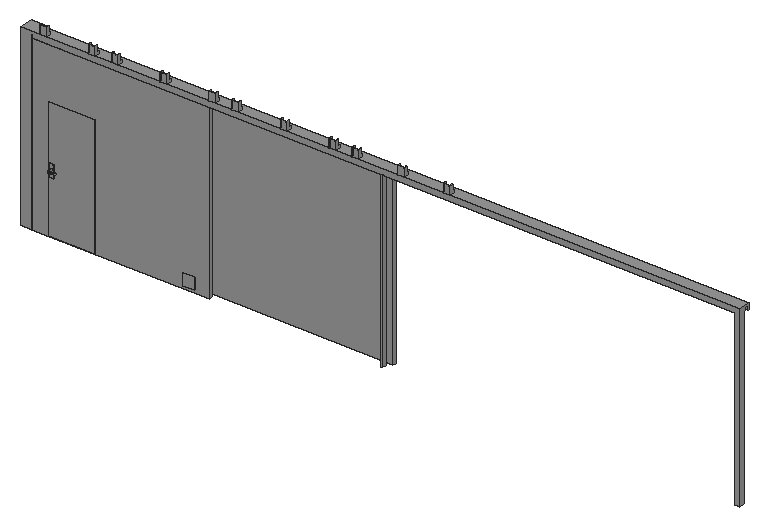
Revit family "otkatnie_protivopozarnie_vorota_firetechnics-p_ei60_ei90", category Двери, Revit 2016
Family settings
  Основа = Стена
  Всегда вертикально = Да
  При загрузке вырезать с полостями = Нет
  Общий = Нет
  Точка расчета площади = Нет
Parameters (values of type "Откатные противопажарные ворота 6x3 EI120")
  второй рельс = if(Ширина створок < 3002 mm, 59 mm, 125 mm)  # 125 mm
  Ширина второго рельса = if(Ширина створок < 3002 mm, 40 mm, 60 mm)  # 60 mm
  УГО2 = if(Ширина створок < 3002 mm, 3000 mm, 4000 mm)  # 4000 mm
  УГО = if(Ширина створок < 3002 mm, 1 mm, 3000 mm)  # 3000 mm
  Крепеж 2 = if(ADSK_Размер_Ширина < 3002 mm, 0 mm, 800 mm)  # 800 mm
  движение 2 створки [instance] = if(Ширина створок = 3000 mm, 1 mm, 125 mm)  # 125 mm
  Ширина 2 створки = if(Ширина створок = 3000 mm, 30 mm, 100 mm)  # 100 mm
  Огнестойкость = "EI120"
  Крепеж1 = if(ADSK_Размер_Ширина < 3002 mm, 0 mm, 800 mm)  # 800 mm
  Ловушка ворот = if(Ширина створок < 3002 mm, 130 mm, 240 mm)  # 240 mm
  Второй рельс = if(Ширина створок < 3002 mm, 205 mm, 2 * (ADSK_Размер_Ширина) + 300 mm + 250 mm)  # 12550 mm
  Видимость второй двери [instance] = yes
  Открытие створки [instance] = if(Ворота открыто, 30 mm, Ширина створок)  # 30 mm
  Высота противопожарной двери = 2000 mm
  Ширина створок = if(ADSK_Размер_Ширина = 3000 mm, 3000 mm, 6000 mm)  # 6000 mm
  Ширина створки [instance] = 3000 mm  # constant formula
  Ширина противопожарной двери = 800 mm
  Толщина полотна ворот = 60 mm
  Стойка [instance] = if(Ширина створок < 3002 mm, ADSK_Размер_Ширина, Ширина створок + 250 mm)  # 6250 mm
  Разработано = "support@bimlib.ru"  # constant formula
  Противопожарный лючок [instance] = yes
  Противопожарная дверь [instance] = yes
  Ворота открыто [instance] = yes
  Материал ручки = Пластмасса, непрозрачная, черная
  Материал профиля = Сталь_оцинкованная_листовая
  Материал полотна = Полотно с наполнителем из минерального заполнителя для ворот
  Изготовитель = "Firetechnics"  # constant formula
  Высота створки = ADSK_Размер_Высота  # 3000 mm
  Высота 2 [instance] = and(Ворота открыто, Противопожарный лючок)  # yes
  Высота 1 [instance] = and(Ворота открыто, Противопожарная дверь)  # yes
  Вторая створка = if(Ширина створок = 3000 mm, 5 mm, 3200 mm)  # 3200 mm
  Видимость УГО [instance] = yes
  Видимость 2 [instance] = yes
  Видимость 1 [instance] = if(Ворота открыто, Видимость второй двери, Противопожарная дверь)  # yes
  Аналитическая конструкция = "<Нет>"
  URL = "https://www.fire-tec.ru/"
  ADSK_Размер_Ширина = 6000 mm
  ADSK_Размер_Высота = 3000 mm  # constant formula
  ADSK_Примечание [instance] = ""
  ADSK_Предел огнестойкости = "EI120"
  ADSK_Позиция [instance] = ""
  ADSK_Обозначение = ""
  ADSK_Наименование = "Откатные противопожарные ворота модели FireTechnics-P EI120"
  ADSK_Масса_Текст = ""
  ADSK_Завод-изготовитель = Изготовитель  # "Firetechnics"
  ADSK_Единица измерения = ""
  ADSK_URL страницы изделия = "https://www.fire-tec.ru/catalog/protivopozharnye-vorota/otkatnye-protivopozharnye-vorota/"
  ADSK_URL документации изделия = ""
Types (2, lengths in mm): name | второй рельс | Ширина второго рельса | УГО2 | УГО | Крепеж 2 | движение 2 створки | Ширина 2 створки | Огнестойкость | Крепеж1 | Ловушка ворот | Второй рельс | Ширина створок | Стойка | Вторая створка | ADSK_Размер_Ширина | ADSK_Предел огнестойкости | ADSK_Наименование
  Откатные противопажарные ворота 3x3 EI90 | 59 | 40 | 3000 | 1 | 0 | 1 | 30 | "EI60" | 0 | 130 | 205 | 3000 | 3000 | 5 | 3000 | "EI90" | "Откатные противопожарные ворота модели FireTechnics-P EI90"
  Откатные противопажарные ворота 6x3 EI120 | 125 | 60 | 4000 | 3000 | 800 | 125 | 100 | "EI120" | 800 | 240 | 12550 | 6000 | 6250 | 3200 | 6000 | "EI120" | "Откатные противопожарные ворота модели FireTechnics-P EI120"
Reference planes
  plane 1 "Стена": y = 0
  plane 2 "По центру (Влево/Вправо)": x = 125
  plane 3 "Назад": y = 15
  plane 4: x = -475
  plane 5: x = 5525
  plane 6: x = -775
  plane 7: z = 1257.571
  plane 8: x = 11855.75
  plane 9: x = 11775
  plane 10: z = 3000
  plane 11: z = 3100
  plane 12: x = -275
  plane 13: x = 525
  plane 14: z = 2100
  plane 15: x = 2068.662
  plane 16: x = 2268.662
  plane 17: z = 50
  plane 18: z = 250
  plane 19: x = -475
  plane 20: x = 5525
  plane 21: y = 143.254
  plane 22: y = 255
  plane 23: x = -775
  plane 24: x = -275
  plane 25: x = 525
  plane 26: x = 2068.662
  plane 27: x = 2268.662
  plane 28: y = 143.254
  plane 29: y = 90
  plane 30: y = 75
  plane 31: y = 242.5
  plane 32: y = 228.254
  plane 33: y = 208.732
  plane 34: x = 5625
  plane 35: y = 200
  plane 36: y = 140
  plane 37: y = 75
  plane 38: x = 5555
  plane 39: x = 11775
Forms (mm)
  Extrusion 1, void
    sketch origin (0, 0, 0) x (1, 0, 0) y (0, 1, 0)
      loop
        line (-475, 15) -> (-475, -625) -> (5525, -625) -> (5525, 15) -> (-475, 15)
    from 0 to 3000
  Extrusion 2, solid, material "Полотно с наполнителем из минерального заполнителя для ворот" <- "Материал полотна", visible <- "Ворота открыто"
    sketch origin (-2958.423, 71.746, 0) x (1, 0, 0) y (0, 1, 0)
      loop
        line (2385.975, -56.746) -> (5483.423, -56.746) -> (5483.423, 3.254) -> (2385.975, 3.254) -> (2385.975, -56.746)
    from 0 to 3000
  Extrusion 3, solid, material "Сталь_оцинкованная_листовая" <- "Материал профиля"
    sketch origin (-2100, 0, 0) x (1, 0, 0) y (0, 1, 0)
      loop
        line (13799.619, 15) -> (13875, 15) -> (13875, 112.5) -> (13799.619, 112.5) -> (13799.619, 15)
    from 0 to 3100
  Extrusion 4, solid, material "Сталь_оцинкованная_листовая" <- "Материал профиля"
    sketch origin (125, 5, 62.751) x (0, -1, 0) y (0, 0, -1)
      loop
        line (-80.754, -2937.249) -> (-80.754, -3037.249) -> (-10, -3037.249) -> (-10, -2937.249) -> (-18.254, -2937.249) -> (-18.254, -2985.417) -> (-78.254, -2985.417) -> (-78.254, -2937.249) -> (-80.754, -2937.249)
    from -697.448 to 11650
  Extrusion 5, solid, material "Полотно с наполнителем из минерального заполнителя для ворот" <- "Материал полотна", visible <- "Ворота открыто"
    sketch origin (41.577, 139.246, 0) x (1, 0, 0) y (0, 1, 0)
      loop
        line (2383.423, 0.754) -> (5583.423, 0.754) -> (5583.423, 60.754) -> (2383.423, 60.754) -> (2383.423, 0.754)
    from 0 to 3000
  Extrusion 6, solid, material "Сталь_оцинкованная_листовая" <- "Материал профиля"
    sketch origin (125, 167.629, 62.751) x (0, -1, 0) y (0, 0, -1)
      loop
        line (-43.125, -2937.249) -> (-43.125, -3037.249) -> (81.875, -3037.249) -> (81.875, -2937.249) -> (22.629, -2937.249) -> (22.629, -2992.249) -> (-37.371, -2992.249) -> (-37.371, -2937.249) -> (-43.125, -2937.249)
    from -697.448 to 11650
  Extrusion 7, solid, material "Полотно с наполнителем из минерального заполнителя для ворот" <- "Материал полотна", visible <- "Высота 1"
    sketch origin (0, 0, 0) x (1, 0, 0) y (0, 1, 0)
      loop
        line (-275, 75) -> (-275, 15) -> (525, 15) -> (525, 75) -> (-275, 75)
    from 0 to 2100
  Extrusion 8, solid, material "Полотно с наполнителем из минерального заполнителя для ворот" <- "Материал полотна", visible <- "Высота 2"
    sketch origin (0, 0, 0) x (1, 0, 0) y (0, 1, 0)
      loop
        line (2068.662, 75) -> (2068.662, 15) -> (2268.662, 15) -> (2268.662, 75) -> (2068.662, 75)
    from 50 to 250
  Extrusion 9, solid, material "Сталь_оцинкованная_листовая" <- "Материал профиля"
    sketch origin (0, 0, 0) x (1, 0, 0) y (0, 1, 0)
      loop
        line (-572.448, 15) -> (-572.448, 208.732) -> (-475, 208.732) -> (-475, 255) -> (-775, 255) -> (-775, 15) -> (-572.448, 15)
    from 0 to 3100
  Extrusion 10, solid, material "Полотно с наполнителем из минерального заполнителя для ворот" <- "Материал полотна", visible <- "Видимость второй двери"
    sketch origin (0, 0, 0) x (1, 0, 0) y (0, 1, 0)
      loop
        line (5525, 75) -> (5525, 15) -> (5555, 15) -> (5555, 75) -> (5525, 75)
    from 0 to 3000
Cuts and joins
  joined: Extrusion 3, Extrusion 4, Extrusion 6, Extrusion 9
Lines and regions (mm)
  symbolic lines, style "Doors"
    curve 1: line (2068.662, 60.701, 0) -> (6068.662, 60.701, 0)
    curve 2: line (5525, 275, 0) -> (8525, 275, 0)
Text (mm)
  text "Сторона размещения" at (-2044.308, 1959.749, 0), in view "Опорный уровень"
  text "Сторона размещения" at (0, 1409.804, 2854.306), in view "Слева"
  text "Сторона размещения" at (0, 499.811, 2980.732), in view "Справа"
Dimensions and locks
  locked: plane 3 "Назад" to host wall
  locked: plane 8 to plane 9 at 80.75
  "Высота створки": plane 10 to level
  locked: plane 11 to plane 10 at 100
  "Ширина противопожарной двери": plane 12 to plane 13
  locked: plane 18 to plane 17 at 200
  plane 17 to level = 50 mm
  plane 16 to plane 15 = 200 mm
  locked: plane 23 to plane 19 at 300
  nested 1 to nested 2 = 850 mm
  "Ширина створок": plane 19 to plane 20
  "Вторая створка": Extrusion 5 to Extrusion 5
  "Толщина полотна ворот": Extrusion 5 sketch curve to Extrusion 5 sketch curve
  Extrusion 4 sketch curve to Extrusion 4 sketch curve to Extrusion 4 sketch curve to Extrusion 4 sketch curve = 2.5 mm locked, 60 mm locked, 8.254 mm locked
  plane 3 "Назад" to plane 21 = 128.254 mm
  locked: plane 3 "Назад" to plane 30 at 60
  locked: plane 29 to plane 32 at 138.254
  locked: plane 3 "Назад" to plane 29 at 75
  "Ловушка ворот": plane 3 "Назад" to plane 22
  locked: plane 33 to plane 22 at 46.268
  "Ширина створок": plane 4 to plane 5
  "Ширина 2 створки": plane 5 to plane 34
  "Стойка": plane 5 to plane 9
  locked: plane 35 to plane 36 at 60
  "движение 2 створки": plane 36 to plane 3 "Назад"
  plane 8 to plane 9 = 80.75 mm
  "Толщина полотна ворот": plane 37 to plane 3 "Назад"
  "Открытие створки": plane 5 to plane 38
  "Второй рельс": plane 39 to plane 23
  "Крепеж 2": nested 12 to nested 13
  "Крепеж1": nested 9 to nested 12
  cut or joined group of Extrusion 3, Extrusion 4, Extrusion 6, Extrusion 9 to plane 35 = 114.246 mm
  "Ширина второго рельса": cut or joined group of Extrusion 3, Extrusion 4, Extrusion 6, Extrusion 9 to cut or joined group of Extrusion 3, Extrusion 4, Extrusion 6, Extrusion 9
  "второй рельс": cut or joined group of Extrusion 3, Extrusion 4, Extrusion 6, Extrusion 9 to cut or joined group of Extrusion 3, Extrusion 4, Extrusion 6, Extrusion 9
  locked: cut or joined group of Extrusion 3, Extrusion 4, Extrusion 6, Extrusion 9 to cut or joined group of Extrusion 3, Extrusion 4, Extrusion 6, Extrusion 9 at 5.754
  "УГО": curve 2 to curve 2
  "УГО2": curve 1 to curve 1
  aligned and locked: plane 5 to Extrusion 1
  aligned and locked: Extrusion 2 to Extrusion 5
  aligned and locked: plane 3 "Назад" to Extrusion 3
  aligned and locked: nested 9 to plane 3 "Назад"
  aligned and locked: nested 8 to plane 3 "Назад"
  aligned and locked: nested 7 to plane 3 "Назад"
  aligned and locked: nested 6 to plane 3 "Назад"
  aligned and locked: nested 5 to plane 3 "Назад"
  aligned and locked: nested 4 to plane 3 "Назад"
  aligned and locked: nested 3 to plane 3 "Назад"
  aligned and locked: nested 2 to plane 3 "Назад"
  aligned and locked: nested 1 to plane 3 "Назад"
  aligned and locked: plane 3 "Назад" to Extrusion 4
  aligned and locked: plane 3 "Назад" to nested 11  (x2)
  aligned and locked: plane 3 "Назад" to Extrusion 2
  aligned and locked: plane 30 to Extrusion 2
  aligned and locked: nested 10 to plane 30
  aligned and locked: Extrusion 7 sketch curve to Extrusion 2
  aligned and locked: plane 24 to Extrusion 7 sketch curve
  aligned and locked: Extrusion 7 sketch curve to plane 3 "Назад"
  aligned and locked: nested 2 to Extrusion 7 sketch curve
  aligned and locked: Extrusion 2 to Extrusion 8
  aligned and locked: plane 3 "Назад" to Extrusion 8
  aligned and locked: Extrusion 8 to plane 15
  aligned and locked: plane 16 to Extrusion 8
  aligned and locked: Extrusion 8 to plane 17
  aligned and locked: plane 18 to Extrusion 8
  aligned and locked: plane 14 to Extrusion 7
  aligned and locked: Extrusion 7 to level
  aligned and locked: Extrusion 9 to plane 6
  aligned and locked: plane 33 to Extrusion 9 sketch curve
  aligned and locked: plane 3 "Назад" to Extrusion 9
  aligned and locked: Extrusion 9 to plane 11
  aligned and locked: plane 34 to Extrusion 5
  aligned and locked: Extrusion 5 to plane 36
  aligned and locked: Extrusion 5 to plane 35
  aligned and locked: Extrusion 2 to plane 10
  aligned and locked: Extrusion 1 to plane 10
  aligned and locked: plane 11 to nested 6
  aligned and locked: plane 11 to nested 5
  aligned and locked: plane 11 to nested 4
  aligned and locked: plane 11 to nested 7
  aligned and locked: plane 11 to nested 8
  aligned and locked: plane 11 to nested 9
  aligned and locked: plane 11 to nested 3
  aligned and locked: plane 11 to nested 2
  aligned and locked: plane 11 to nested 1
  aligned and locked: Extrusion 10 sketch curve to plane 37
  aligned and locked: plane 5 to Extrusion 10 sketch curve
  aligned and locked: Extrusion 10 sketch curve to plane 38
  aligned and locked: Extrusion 10 sketch curve to plane 3 "Назад"
  aligned and locked: Extrusion 10 to plane 10
  aligned and locked: plane 9 to Extrusion 4
  aligned and locked: plane 11 to Extrusion 3
  aligned and locked: Extrusion 6 sketch curve to cut or joined group of Extrusion 3, Extrusion 4, Extrusion 6, Extrusion 9
  aligned and locked: nested 12 to plane 3 "Назад"
  aligned and locked: nested 13 to plane 3 "Назад"
  aligned and locked: plane 9 to cut or joined group of Extrusion 3, Extrusion 4, Extrusion 6, Extrusion 9
  aligned and locked: plane 20 to curve 2
  aligned and locked: Extrusion 8 to curve 1
Automatic sketch dimensions
  Extrusion 1 sketch curve to plane 4 = 0 mm
  Extrusion 1 sketch curve to host wall = 0 mm
  Extrusion 1 sketch curve to plane 5 = 0 mm
  Extrusion 3 sketch curve to host wall = 0 mm
  Extrusion 3 sketch curve to plane 9 = 0 mm
  plane 9 to Extrusion 3 sketch curve = 75.381 mm
  Extrusion 3 sketch curve to plane 21 = 30.754 mm
  plane 10 to Extrusion 4 sketch curve = 0 mm  (x2)
  Extrusion 4 sketch curve to plane 11 = 0 mm
  Extrusion 4 sketch curve to plane 21 = 60 mm
  plane 11 to Extrusion 4 sketch curve = 51.832 mm
  Extrusion 8 sketch curve to plane 15 = 0 mm
  Extrusion 8 sketch curve to plane 16 = 0 mm
  Extrusion 8 sketch curve to host wall = 0 mm
  Extrusion 8 sketch curve to plane 30 = 0 mm
  Extrusion 2 sketch curve to host wall = 0 mm
  plane 4 to Extrusion 2 sketch curve = 97.448 mm
  Extrusion 2 sketch curve to plane 16 = 256.338 mm
  Extrusion 9 sketch curve to plane 6 = 0 mm
  Extrusion 9 sketch curve to host wall = 0 mm
  Extrusion 9 sketch curve to plane 4 = 0 mm
  Extrusion 9 sketch curve to plane 22 = 0 mm
  Extrusion 9 sketch curve to Extrusion 9 sketch curve = 97.448 mm
  host wall to Extrusion 1 sketch curve = 340 mm
  Extrusion 2 sketch curve to plane 30 = 0 mm
  Extrusion 10 sketch curve to plane 5 = 0 mm
  Extrusion 5 sketch curve to plane 36 = 0 mm
  Extrusion 5 sketch curve to plane 34 = 0 mm
  Extrusion 5 sketch curve to plane 16 = 156.338 mm
  Extrusion 6 sketch curve to plane 11 = 0 mm
  plane 32 to Extrusion 6 sketch curve = 17.5 mm
  plane 10 to Extrusion 6 sketch curve = 0 mm  (x2)
  plane 11 to Extrusion 6 sketch curve = 45 mm
  plane 22 to Extrusion 6 sketch curve = 50 mm
  Extrusion 6 sketch curve to plane 29 = 55 mm
  curve 1 to plane 30 = 14.299 mm
  plane 22 to curve 2 = 20 mm
Nested families
  nested 1: "уголок откатные шторы" at (-375, 60, 3100), type "уголок откатные шторы", detail levels fine
  nested 2: "уголок откатные шторы" at (475, 60, 3100), type "уголок откатные шторы", detail levels fine
  nested 3: "уголок откатные шторы" at (875, 60, 3100), type "уголок откатные шторы", detail levels fine
  nested 4: "уголок откатные шторы" at (1725, 60, 3100), type "уголок откатные шторы", detail levels fine
  nested 5: "уголок откатные шторы" at (2575, 60, 3100), type "уголок откатные шторы", detail levels fine
  nested 6: "уголок откатные шторы" at (2975, 60, 3100), type "уголок откатные шторы", detail levels fine
  nested 7: "уголок откатные шторы" at (3825, 60, 3100), type "уголок откатные шторы", detail levels fine
  nested 8: "уголок откатные шторы" at (4675, 60, 3100), type "уголок откатные шторы", detail levels fine
  nested 9: "уголок откатные шторы" at (5075, 60, 3100), type "уголок откатные шторы", detail levels fine
  nested 10: "ручка двери" at (-195, 75, 1000), visible <- "Высота 1", type "ручка двери", detail levels fine
  nested 11: "ручка двери" at (-195, 15, 1000), visible <- "Высота 2", type "ручка двери", detail levels fine
  nested 12: "уголок откатные шторы" at (5875, 60, 3100), type "уголок откатные шторы", detail levels fine
  nested 13: "уголок откатные шторы" at (6675, 60, 3100), type "уголок откатные шторы", detail levels fine
Definition of nested family "уголок откатные шторы"
  Parameters (values of type "уголок откатные шторы")
    Материал профиля = none
  Reference planes
    plane 1 "По центру (Вперед/Назад)": y = 0
    plane 2: z = 0
    plane 3 "По центру (Влево/Вправо)": x = 0
    plane 4: x = -60.116
    plane 5: x = 55
    plane 6: x = -55.116
    plane 7: x = 50
    plane 8: y = 5
    plane 9: z = 45
  Forms (mm)
    Extrusion 1, solid, material <- "Материал профиля"
      sketch origin (0, 45, -100) x (0, -1, 0) y (1, 0, 0)
        loop
          line (45, -60.116) -> (45, -55) -> (5, -55) -> (5, 50) -> (45, 50) -> (45, 55) -> (0, 55) -> (0, -60.116) -> (45, -60.116)
      from 105 to 250
    Extrusion 2, solid, material <- "Материал профиля"
      sketch origin (0, 215, 0) x (1, 0, 0) y (0, 0, 1)
        loop
          line (-60.116, 45) -> (-60.116, 0) -> (55, 0) -> (55, 45) -> (50, 45) -> (50, 5) -> (-55, 5) -> (-55, 45) -> (-60.116, 45)
      from 215 to 250
    Extrusion 3, solid, material <- "Материал профиля"
      sketch origin (0, 0, 0) x (0, 1, 0) y (0, 0, 1)
        loop
          line (0, 5) -> (0, 0) -> (45, 0) -> (45, 5) -> (0, 5)
      from -60.116 to 55
  Cuts and joins
    joined: Extrusion 1, Extrusion 2, Extrusion 3
  Dimensions and locks
    aligned and locked: level to plane 2
    aligned and locked: Extrusion 2 to plane 1 "По центру (Вперед/Назад)"
    aligned and locked: Extrusion 1 to Extrusion 2
Definition of nested family "ручка двери"
  Parameters (values of type "ручка двери")
    материал ручки = none
  Reference planes
    plane 1 "По центру (Вперед/Назад)": y = 0
    plane 2: z = 0
    plane 3 "По центру (Влево/Вправо)": x = 0
    plane 4: y = -94.522
    plane 5: through (79.584, -140.02, 1571.813) normal (-1, 0, 0.003)
    plane 6: y = -74.753
  Forms (mm)
    Extrusion 1, solid, material <- "материал ручки"
      sketch origin (0, 0, 28.186) x (1, 0, 0) y (0, 0, 1)
        loop
          line (-64.593, 122.232) -> (-64.593, -92.42) -> (6.493, -92.42) -> (6.493, 122.232) -> (-64.593, 122.232)
      from 0 to 5
    Extrusion 2, solid, material <- "материал ручки"
      sketch origin (-20.443, 15, 48.105) x (-0.999996, 0, 0.002989) y (0, -1, 0)
        loop
          line (4.809, 20) -> (20, 20) -> (20, 82.112)
          arc (20, 82.112) -> (14.468, 99.078) -> (0, 109.522) r 28.783
          line (0, 109.522) -> (-95.473, 109.522)
          arc (-95.473, 109.522) -> (-109.942, 99.078) -> (-115.473, 82.112) r 28.783
          line (-115.473, 82.112) -> (-100.473, 82.112)
          arc (-100.473, 82.112) -> (-98.235, 87.515) -> (-92.832, 89.753) r 7.641
          line (-92.832, 89.753) -> (-2.832, 89.753)
          arc (-2.832, 89.753) -> (2.571, 87.515) -> (4.809, 82.112) r 7.641
          line (4.809, 82.112) -> (4.809, 20)
      from 0 to 20
  Dimensions and locks
    aligned and locked: level to plane 2
